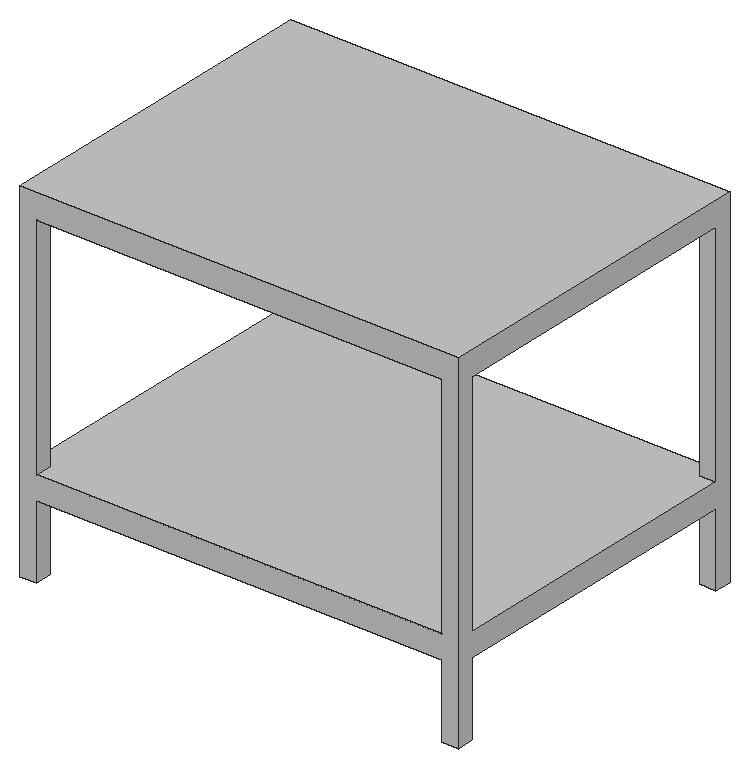
Revit family "QF_CAPIC_AVEN_W543011", category Equipement spécialisé, Revit 2018
Family settings
  Cote de connecteur circulaire = Utiliser le diamètre
  Type d'élément = Normal
  Numéro OmniClass = 23.40.40.14
  Titre OmniClass = Food Service Equipment
  Basée sur le plan de construction = Non
  Toujours verticalement = Oui
  Couper avec des vides une fois chargée = Non
  Partagée = Non
  Point de calcul de pièce = Non
Parameters (values of type "800 mm")
  URL catalogue = "http://www.capic-fr.com/fr/"
  Type de Raccord Plomberie [instance] = ""
  Type de Raccord Electrique [instance] = ""
  Type de Gaz = ""
  Type article [instance] = ""
  Tension = 0 V
  Spécification du Fabricant = ""
  Show Logo = yes
  Remarques evacuation [instance] = ""
  Remarques Plomberie [instance] = ""
  Remarques Electricité [instance] = ""
  Puissance électrique  = 0 W
  Puissance Gaz kW = 0
  Profondeur hors tout = 600 mm
  Pression Maximum Eau Adoucie = 0.0 Pa
  Poids net à vide = 27.00 kg
  Phase = 0
  Modèle = "W543011"
  Longueur hors tout = 800 mm
  Intensité nominale = 0 A
  Hauteur hors tout = 638 mm
  Hauteur de Raccordement du Sol Finis = 0 mm
  Hauteur de Raccordement Gaz du Sol Finis = 0 mm
  Hauteur de Raccordement Evacuation Directe du Sol Finis = 0 mm
  Hauteur de Raccordement Eau Froide du Sol Finis = 0 mm
  Hauteur de Raccordement Eau Chaude du Sol Finis = 0 mm
  Hauteur de Raccordement Eau Adoucie du Sol Finis = 0 mm
  Fréquence = 0 Hz
  Fabricant = "CAPIC"
  Débit d'air d'extraction = 0.0 m³/h
  Débit Gaz = 0.0 L/s
  Débit Eau Froide = 0.0 L/s
  Débit Eau Chaude = 0.0 L/s
  Débit Eau Adoucie = 0.0 L/s
  Diamètre de Raccordement Gaz = 0 mm
  Diamètre de Raccordement Evacuation = 0 mm
  Diamètre de Raccordement Eau Froide = 0 mm
  Diamètre de Raccordement Eau Chaude = 0 mm
  Diamètre de Raccordement Eau Adoucie = 0 mm
  Description = "Pietement simple"
  Assembly Code = ""
  Classification  Omniclass nombre et titre = "23.40.40.14"
Reference planes
  plane 1 "Centre (avant/arrière)": y = 0
  plane 2: z = 0
  plane 3 "Centre (gauche/droite)": x = 0
  plane 4: y = -45
  plane 5: y = -663
  plane 6: x = 800
  plane 7: y = -75
  plane 8: y = -633
  plane 9: x = 30
  plane 10: x = 770
  plane 11: z = 638
  plane 12: z = 134
  plane 13: z = 594
Forms (mm)
  Extrusion 1, solid, material "QF_Stainless Steel-Brushed"
    sketch origin (0, 0, 0) x (1, 0, 0) y (0, 1, 0)
      loop
        line (0, -45) -> (0, -75) -> (30, -75) -> (30, -45) -> (0, -45)
      loop
        line (770, -45) -> (770, -75) -> (800, -75) -> (800, -45) -> (770, -45)
      loop
        line (770, -633) -> (770, -663) -> (800, -663) -> (800, -633) -> (770, -633)
      loop
        line (0, -633) -> (0, -663) -> (30, -663) -> (30, -633) -> (0, -633)
    from 0 to 638
  Extrusion 2, solid, material "QF_Stainless Steel-Brushed"
    sketch origin (0, 0, 0) x (1, 0, 0) y (0, 1, 0)
      loop
        line (0, -45) -> (0, -663) -> (800, -663) -> (800, -45) -> (0, -45)
    from 134 to 177
  Extrusion 3, solid, material "QF_Stainless Steel-Brushed"
    sketch origin (0, 0, 0) x (1, 0, 0) y (0, 1, 0)
      loop
        line (0, -45) -> (0, -663) -> (800, -663) -> (800, -45) -> (0, -45)
    from 594 to 638
Cuts and joins
  joined: Extrusion 1, Extrusion 2, Extrusion 3
Dimensions and locks
  locked: plane 4 to plane 1 "Centre (avant/arrière)" at 45
  locked: plane 4 to plane 5 at 618
  locked: plane 4 to plane 7 at 30
  locked: plane 8 to plane 5 at 30
  "Longueur hors tout": plane 3 "Centre (gauche/droite)" to plane 6
  locked: plane 3 "Centre (gauche/droite)" to plane 9 at 30
  locked: plane 10 to plane 6 at 30
  locked: plane 11 to level at 638
  aligned and locked: level to plane 2
  aligned and locked: Extrusion 1 sketch curve to plane 4  (x2)
  aligned and locked: plane 3 "Centre (gauche/droite)" to Extrusion 1 sketch curve  (x2)
  aligned and locked: plane 7 to Extrusion 1 sketch curve  (x2)
  aligned and locked: Extrusion 1 sketch curve to plane 9  (x2)
  aligned and locked: plane 10 to Extrusion 1 sketch curve  (x2)
  aligned and locked: Extrusion 1 sketch curve to plane 6  (x2)
  aligned and locked: Extrusion 1 sketch curve to plane 8  (x2)
  aligned and locked: plane 5 to Extrusion 1 sketch curve  (x2)
  aligned and locked: Extrusion 1 to level
  aligned and locked: plane 11 to Extrusion 1
  aligned and locked: Extrusion 2 sketch curve to Extrusion 1  (x4)
  aligned and locked: Extrusion 2 to plane 12
  aligned and locked: Extrusion 3 sketch curve to Extrusion 2  (x2)
  aligned and locked: plane 5 to Extrusion 3 sketch curve
  aligned and locked: Extrusion 3 sketch curve to plane 6
  aligned and locked: plane 11 to Extrusion 3
  aligned and locked: Extrusion 3 to plane 13
